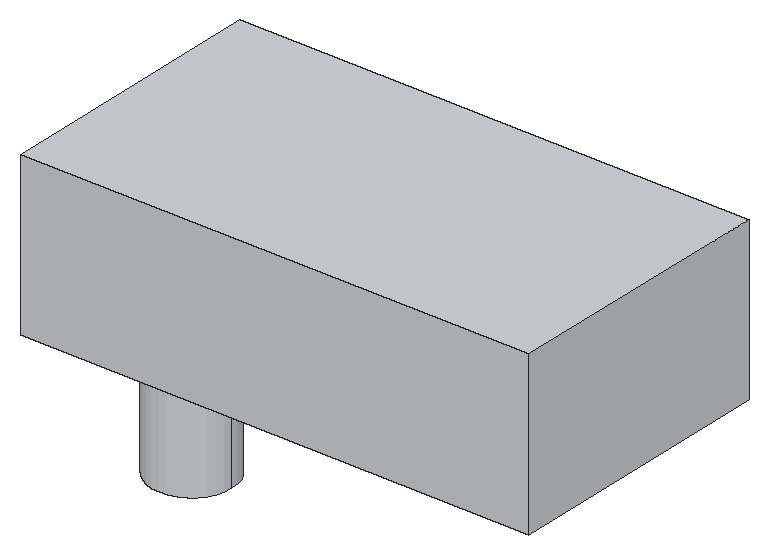
Revit family "StructuralFoundations_PileFoundation-Freeform", category Structural Foundations, Revit 2022
Family settings
  Material for Model Behavior = Concrete
  Cap = Yes
  OmniClass Number = 23.25.05.00
  OmniClass Title = Foundations
  Work Plane-Based = Yes
  Always vertical = Yes
  Cut with Voids When Loaded = No
  Shared = Yes
Parameters (values of type "PileFoundation_Freeform")
  Width = 0 mm  # constant formula
  Void Position Top = ((Depth - Pile Embedment) * -1)  # -925 mm
  VL_STR/GEO DA1 COMB 2 Min (kN) [instance] = ""
  VL_STR/GEO DA1 COMB 2 Max (kN) [instance] = ""
  VL_STR/GEO DA1 COMB 1 Min (kN) [instance] = ""
  VL_STR/GEO DA1 COMB 1 Max (kN) [instance] = ""
  VL_SLS Min (kN) [instance] = ""
  VL_SLS Max (kN) [instance] = ""
  VL_ADD. LIMIT STATE Min (kN) [instance] = ""
  VL_ADD. LIMIT STATE Max (kN) [instance] = ""
  Tension/Compression [instance] = ""
  Structural Material = <By Category>
  Radius = 250 mm
  Pile Type = StructuralFoundations_PileFoundation_Pile : Freeform_Pile
  Pile Insertion Vertical Offset = Depth * -1  # -1000 mm
  Pile Embedment Numerical = Pile Embedment / 1 mm  # 75
  Pile Embedment = 75 mm  # constant formula
  Pile Depth Numerical [instance] = Pile Depth / 1 mm  # 1000
  Pile Depth [instance] = 1000 mm
  ML_STR/GEO DA1 COMB 2 Max (kNm) [instance] = ""
  ML_STR/GEO DA1 COMB 1 Max (kNm) [instance] = ""
  ML_SLS Max (kNm) [instance] = ""
  ML_ADD. LIMIT STATE Max (kNm) [instance] = ""
  Length = 0 mm  # constant formula
  HL_STR/GEO DA1 COMB 2 Max (kN) [instance] = ""
  HL_STR/GEO DA1 COMB 1 Max (kN) [instance] = ""
  HL_SLS Max (kN) [instance] = ""
  HL_ADD. LIMIT STATE Max (kN) [instance] = ""
  Foundation Thickness = Depth  # 1000 mm
  Diameter = Radius * 2  # 500 mm
  Depth = 1000 mm
  Default Elevation = 0 mm
  Assembly Code = ""
Reference planes
  plane 1 "Center (Front/Back)": y = 0
  plane 2: z = 0
  plane 3 "Center (Left/Right)": x = 0
  plane 4: x = -750
  plane 5: x = 750
Forms (mm)
  Extrusion 1, solid
    sketch origin (0, 0, 0) x (1, 0, 0) y (0, 1, 0)
      loop
        line (-1572.829, 850.191) -> (-1572.829, -850.191) -> (1572.829, -850.191) -> (1572.829, 850.191) -> (-1572.829, 850.191)
    from -1000 to 0
  Extrusion 2, void
    sketch origin (0, -538.916, 0) x (1, 0, 0) y (0, 1, 0)
      loop
        circle (-1195.348, 538.916) r 250
    from -1000 <- "Pile Insertion Vertical Offset" to -925 <- "Void Position Top"
Cuts and joins
  Extrusion 2 cuts Extrusion 1
Dimensions and locks
  equal spacing: plane 4, plane 3 "Center (Left/Right)", plane 5
  plane 2 to Extrusion 1 = 1000 mm
  equal spacing: Extrusion 1, plane 3 "Center (Left/Right)", Extrusion 1
  equal spacing: Extrusion 1, plane 1 "Center (Front/Back)", Extrusion 1
  "Radius": radius of Extrusion 2 sketch curve
  aligned and locked: level to Extrusion 1
  aligned and locked: plane 1 "Center (Front/Back)" to nested 1
Automatic sketch dimensions
  Extrusion 2 sketch curve to plane 4 = 445.348 mm
  Extrusion 2 sketch curve to plane 1 "Center (Front/Back)" = 0 mm
  Extrusion 1 sketch curve to plane 4 = 822.829 mm
  plane 5 to Extrusion 1 sketch curve = 822.829 mm
  plane 1 "Center (Front/Back)" to Extrusion 1 sketch curve = 850.191 mm
  Extrusion 1 sketch curve to plane 1 "Center (Front/Back)" = 850.191 mm
Nested families
  nested 1: "StructuralFoundations_PileFoundation_Pile" at (-1191.89, 0, -1000), Height Offset From Level <- "Pile Insertion Vertical Offset", HL_ADD. LIMIT STATE Max (kN) <- "HL_ADD. LIMIT STATE Max (kN)", HL_SLS Max (kN) <- "HL_SLS Max (kN)", HL_STR/GEO DA1 COMB 1 Max (kN) <- "HL_STR/GEO DA1 COMB 1 Max (kN)", HL_STR/GEO DA1 COMB 2 Max (kN) <- "HL_STR/GEO DA1 COMB 2 Max (kN)", ML_ADD. LIMIT STATE Max (kNm) <- "ML_ADD. LIMIT STATE Max (kNm)", ML_SLS Max (kNm) <- "ML_SLS Max (kNm)", ML_STR/GEO DA1 COMB 1 Max (kNm) <- "ML_STR/GEO DA1 COMB 1 Max (kNm)", ML_STR/GEO DA1 COMB 2 Max (kNm) <- "ML_STR/GEO DA1 COMB 2 Max (kNm)", Tension/Compression <- "Tension/Compression", VL_ADD. LIMIT STATE Max (kN) <- "VL_ADD. LIMIT STATE Max (kN)", VL_ADD. LIMIT STATE Min (kN) <- "VL_STR/GEO DA1 COMB 1 Min (kN)", VL_SLS Max (kN) <- "VL_SLS Max (kN)", VL_SLS Min (kN) <- "VL_SLS Min (kN)", VL_STR/GEO DA1 COMB 1 Max (kN) <- "VL_STR/GEO DA1 COMB 1 Max (kN)", VL_STR/GEO DA1 COMB 1 Min (kN) <- "VL_STR/GEO DA1 COMB 1 Min (kN)", VL_STR/GEO DA1 COMB 2 Max (kN) <- "VL_STR/GEO DA1 COMB 2 Max (kN)", VL_STR/GEO DA1 COMB 2 Min (kN) <- "VL_STR/GEO DA1 COMB 2 Min (kN)", Pile Depth <- "Pile Depth", type <- "Pile Type", type "Freeform_Pile"
    with VL_STR/GEO DA1 COMB 2 Min (kN) "", VL_STR/GEO DA1 COMB 2 Max (kN) "", VL_STR/GEO DA1 COMB 1 Min (kN) "", VL_STR/GEO DA1 COMB 1 Max (kN) "", VL_SLS Min (kN) "", VL_SLS Max (kN) "", VL_ADD. LIMIT STATE Min (kN) "", VL_ADD. LIMIT STATE Max (kN) "", Tension/Compression "", Pile Length 1075 mm, Pile Embedment Numerical 75, Pile Embedment 75 mm, Pile Depth Numerical 1000, Pile Depth 1000 mm, ML_STR/GEO DA1 COMB 2 Max (kNm) "", ML_STR/GEO DA1 COMB 1 Max (kNm) "", ML_SLS Max (kNm) "", ML_ADD. LIMIT STATE Max (kNm) "", Lightning Protection no, HL_STR/GEO DA1 COMB 2 Max (kN) "", HL_STR/GEO DA1 COMB 1 Max (kN) "", HL_SLS Max (kN) "", HL_ADD. LIMIT STATE Max (kN) ""
Definition of nested family "StructuralFoundations_PileFoundation_Pile"
  Parameters (values of type "Freeform_Pile")
    VL_STR/GEO DA1 COMB 2 Min (kN) [instance] = ""
    VL_STR/GEO DA1 COMB 2 Max (kN) [instance] = ""
    VL_STR/GEO DA1 COMB 1 Min (kN) [instance] = ""
    VL_STR/GEO DA1 COMB 1 Max (kN) [instance] = ""
    VL_SLS Min (kN) [instance] = ""
    VL_SLS Max (kN) [instance] = ""
    VL_ADD. LIMIT STATE Min (kN) [instance] = ""
    VL_ADD. LIMIT STATE Max (kN) [instance] = ""
    Type Comments = ""
    Tension/Compression [instance] = ""
    Structural Material = (empty or 0)
    Radius = 250 mm
    Pile Offset Line Vis 3Ø = no
    Pile Offset Line Vis 2.5Ø = no
    Pile Offset Line 3Ø = Diameter * 3  # 1500 mm
    Pile Offset Line 2.5Ø = Diameter * 2.5  # 1250 mm
    Pile Length [instance] = Pile Depth + Pile Embedment  # 1575 mm
    Pile Embedment Numerical [instance] = Pile Embedment / 1 mm  # 75
    Pile Embedment [instance] = 75 mm  # constant formula
    Pile Depth Numerical [instance] = Pile Depth / 1 mm  # 1500
    Pile Depth [instance] = 1500 mm
    ML_STR/GEO DA1 COMB 2 Max (kNm) [instance] = ""
    ML_STR/GEO DA1 COMB 1 Max (kNm) [instance] = ""
    ML_SLS Max (kNm) [instance] = ""
    ML_ADD. LIMIT STATE Max (kNm) [instance] = ""
    Lightning Protection [instance] = no
    Keynote = ""
    HL_STR/GEO DA1 COMB 2 Max (kN) [instance] = ""
    HL_STR/GEO DA1 COMB 1 Max (kN) [instance] = ""
    HL_SLS Max (kN) [instance] = ""
    HL_ADD. LIMIT STATE Max (kN) [instance] = ""
    Diameter = Radius * 2  # 500 mm
    Description = ""
    Assembly Code = ""
  Reference planes
    plane 1 "Center (Front/Back)": y = 0
    plane 2: z = 0
    plane 3 "Center (Left/Right)": x = 0
    plane 4: z = -1500
    plane 5: z = 75
  Forms (mm)
    Extrusion 1, solid
      sketch origin (0, 0, 0) x (1, 0, 0) y (0, 1, 0)
        loop
          circle (0, 0) r 250
      from -1500 to 75
  Lines and regions (mm)
    symbolic lines
      curve 1: line (-250, 0, 75) -> (250, 0, 75)
      curve 2: line (250, 0, 75) -> (250, 0, 0)
      curve 3: line (-250, 0, 75) -> (-250, 0, 0)
      curve 4: line (0, 250, 75) -> (0, -250, 75)
      curve 5: line (0, -250, 75) -> (0, -250, 0)
      curve 6: line (0, 250, 75) -> (0, 250, 0)
    symbolic lines, visible <- "Pile Offset Line Vis 3Ø"
      curve 7: circle (0, 0, 0) r 1500 normal (0, 0, 1)
    symbolic lines, visible <- "Pile Offset Line Vis 2.5Ø"
      curve 8: circle (0, 0, 0) r 1250 normal (0, 0, 1)
  Dimensions and locks
    equal spacing: curve 3, plane 3 "Center (Left/Right)", curve 2
    "Diameter": curve 3 to curve 2
    equal spacing: curve 6, plane 1 "Center (Front/Back)", curve 5
    "Diameter": curve 6 to curve 5
    "Pile Depth": plane 2 to plane 4
    "Pile Embedment": Extrusion 1 to level
    locked: plane 5 to plane 2 at 75
    "Radius": radius of Extrusion 1 sketch curve
    "Radius": radius of Extrusion 1
    "Pile Offset Line 3Ø": radius of curve 7
    "Pile Offset Line 2.5Ø": radius of curve 8
    aligned and locked: Extrusion 1 to plane 4
  Automatic sketch dimensions
    plane 1 "Center (Front/Back)" to Extrusion 1 sketch curve = 0 mm
    Extrusion 1 sketch curve to plane 3 "Center (Left/Right)" = 0 mm
    curve 2 to level = 0 mm
    curve 3 to level = 0 mm
    curve 5 to level = 0 mm
    curve 6 to level = 0 mm
    curve 7 to curve 8 = 0 mm  (x2)
    plane 1 "Center (Front/Back)" to curve 8 = 0 mm
    curve 8 to plane 3 "Center (Left/Right)" = 0 mm
    level to curve 2 = 75 mm
    level to curve 5 = 75 mm
